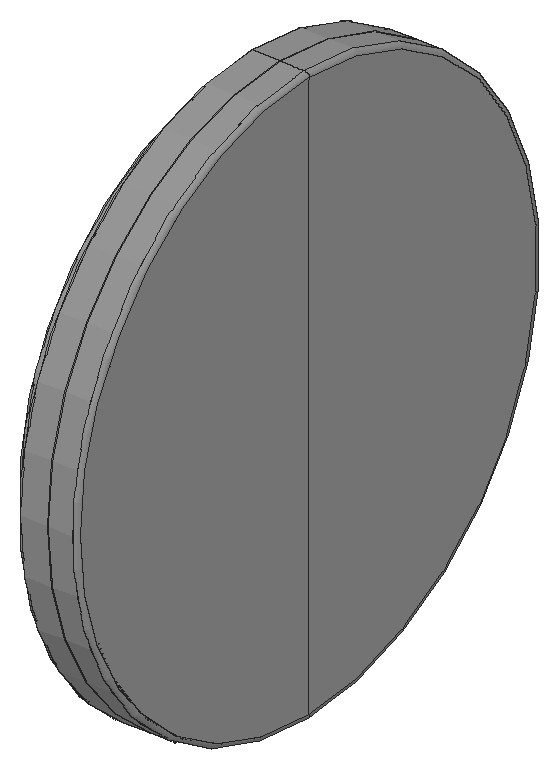
Revit family "IVLB_Generic_LF_Wall Mounted Luminaire Round", category Lighting Fixtures, Revit 2019 (continued)
Definition of nested family "Generic Lightsource"
  Parameters (values of type "FMS.1110.10 - Ø270 / 18W / 1120lm / 4000K")
      .3074\t362.9584\t356.0822\t348.9057\t341.5547\t333.4658\t324.7233\t315.2043\t305.4599\r\n295.3979\t285.0138\t274.2949\t263.3441\t252.1436\t240.673\t229.1092\t216.7556\t203.6489\t190.6285\r\n177.6172\t164.6138\t151.9279\t138.069\t124.3573\t110.9691\t98.0454\t84.9215\t72.6465\t61.0698\r\n50.4112\t40.6936\t35.2704\t0\t0\t0\r\n405.3384\t404.7358\t403.6054\t401.6444\t399.3643\t396.5593\t393.314\t389.4309\t385.2102\t380.3495\r\n375.0755\t369.3024\t362.9627\t356.1346\t348.8119\t341.1533\t333.0509\t324.8191\t315.78\t306.215\r\n295.8199\t285.344\t274.4807\t263.3654\t252.0105\t240.3294\t228.4188\t216.2955\t204.1547\t190.9552\r\n177.6559\t164.3516\t151.1392\t138.0976\t124.9346\t111.112\t97.7813\t85.0908\t72.4995\t60.8236\r\n50.1998\t40.6227\t31.9768\t0\t0\t0\r\n405.3384\t404.7394\t403.6288\t401.6757\t399.3884\t396.5714\t393.3026\t389.3159\t385.1739\t380.3831\r\n375.0444\t369.2837\t362.956\t356.1295\t348.8706\t341.18\t332.9079\t324.3902\t315.4019\t306.3387\r\n296.4924\t286.1092\t274.9998\t263.7539\t252.2169\t240.3569\t228.2903\t215.9582\t203.4707\t190.8257\r\n178.1521\t164.6391\t151.0517\t137.6572\t124.4578\t111.6543\t98.0732\t84.9738\t72.5741\t60.6864\r\n50.0183\t40.4977\t31.9697\t4.8432\t0\t0\r\n405.3384\t404.7427\t403.6495\t401.7142\t399.4239\t396.6035\t393.3116\t389.2988\t385.0507\t380.3528\r\n375.0118\t369.216\t362.9424\t356.1024\t348.8405\t341.157\t332.9643\t324.4004\t315.2581\t305.8867\r\n296.1029\t285.938\t275.5954\t264.5683\t253.012\t240.8416\t228.6197\t216.12\t203.4137\t190.5511\r\n177.5394\t164.5113\t151.5042\t137.8415\t124.2858\t111.0124\t98.1587\t85.3964\t72.5721\t60.6586\r\n49.8431\t40.3398\t31.931\t24.5537\t0\t0\r\n405.3384\t404.7456\t403.6676\t401.9218\t399.4709\t396.6554\t393.3437\t389.317\t385.04\t380.243\r\n374.8993\t369.1788\t362.9127\t356.0814\t348.8285\t341.0552\t332.9667\t324.3861\t315.3329\t305.9127\r\n296.0531\t285.7481\t275.1336\t264.1996\t252.9355\t241.4903\t229.4495\t216.9446\t203.9312\t190.8555\r\n177.6361\t164.3347\t151.0106\t137.654\t124.597\t111.2218\t97.8665\t85.0744\t72.9905\t60.8587\r\n49.815\t40.1794\t31.9054\t24.5054\t0\t0\r\n405.3384\t404.7481\t403.6828\t401.9564\t399.6914\t396.7268\t393.4009\t389.3708\t385.0755\t380.2591\r\n374.9017\t369.0922\t362.8034\t355.9918\t348.805\t341.0277\t332.9542\t324.3714\t315.323\t305.9089\r\n296.0316\t285.7934\t275.1661\t264.1403\t252.8273\t241.0499\t229.0201\t216.7244\t204.2369\t191.596\r\n178.5079\t164.9396\t151.3939\t137.7973\t124.3337\t110.9506\t97.9162\t85.2011\t72.5165\t60.7879\r\n50.1751\t40.1846\t31.8501\t23.7681\t2.338\t0\r\n405.3384\t404.7502\t403.6952\t401.9835\t399.7343\t396.9809\t393.6545\t389.6213\t385.1579\t380.3298\r\n374.9735\t369.1608\t362.846\t356.0361\t348.7566\t340.9866\t332.8783\t324.3112\t315.2718\t305.9036\r\n296.0215\t285.8004\t275.1776\t264.1337\t252.8169\t241.0716\t228.9767\t216.6471\t204.0279\t191.1324\r\n178.1226\t164.8871\t151.6027\t138.2841\t125.113\t111.6596\t98.1698\t85.1028\t72.5249\t60.7088\r\n49.8427\t40.2477\t31.8931\t21.6048\t12.7168\t0\r\n405.3384\t404.7519\t403.7047\t402.0029\t399.7635\t397.03\t393.713\t389.7065\t385.4214\t380.5969\r\n375.2629\t369.475\t363.1447\t356.3663\t348.9144\t341.1566\t333.0078\t324.4526\t315.4033\t305.9527\r\n296.0665\t285.8226\t275.1844\t264.1482\t252.8009\t241.0835\t228.992\t216.6758\t204.0446\t191.1483\r\n178.0991\t164.8272\t151.446\t137.9974\t124.5467\t111.2577\t98.1105\t85.2503\t72.8411\t61.1518\r\n50.0901\t40.257\t31.8235\t18.932\t9.3489\t0\r\n405.3384\t404.7532\t403.7114\t402.0142\t399.7786\t397.0514\t393.739\t389.7475\t385.4637\t380.6413\r\n375.3272\t369.5568\t363.2361\t356.4824\t349.2137\t341.4886\t333.3185\t324.7975\t315.7614\t306.3155\r\n296.46\t286.2066\t275.5669\t264.5527\t253.1872\t241.5059\t229.4265\t217.1363\t204.5303\t191.6199\r\n178.5573\t165.3425\t151.9521\t138.4682\t125.0895\t111.6993\t98.5664\t85.5623\t73.0265\t61.1343\r\n50.1318\t40.4051\t31.9542\t21.7475\t6.5313\t5.115\r\n405.3384\t404.754\t403.7153\t402.0176\t399.7799\t397.0445\t393.7329\t389.7445\t385.4448\t380.6084\r\n375.2927\t369.5081\t363.1813\t356.4003\t348.9923\t341.2089\t333.0605\t324.4816\t315.4612\t305.9997\r\n296.1643\t285.8652\t275.2287\t264.2095\t252.8526\t241.1526\t229.101\t216.7417\t204.1781\t191.2242\r\n178.2221\t164.9153\t151.5534\t138.1498\t124.6539\t111.3162\t98.1603\t85.2342\t72.8561\t61.1128\r\n50.0588\t40.2091\t31.6937\t20.0166\t8.2012\t0\r\n405.3384\t404.7543\t403.7164\t402.013\t399.7671\t397.0096\t393.6945\t389.6977\t385.2046\t380.352\r\n375.0326\t369.2271\t362.9198\t356.1028\t348.9072\t341.0925\t332.98\t324.3798\t315.392\t305.9858\r\n296.2178\t285.8843\t275.26\t264.2624\t252.9154\t241.2093\t229.1994\t216.7906\t204.2527\t191.2919\r\n178.3227\t165.0516\t151.7425\t138.4595\t125.2028\t111.7417\t98.2552\t85.1615\t72.5973\t60.695\r\n49.8045\t40.1873\t31.7885\t21.7366\t11.2598\t0\r\n405.3384\t404.7542\t403.7146\t402.0006\t399.7406\t396.7678\t393.4611\t389.4878\t385.1447\t380.2959\r\n374.9894\t369.1909\t362.9156\t356.0932\t349.0203\t341.1855\t333.0998\t324.4896\t315.505\t306.0503\r\n296.2967\t285.9572\t275.331\t264.3672\t253.0197\t241.2839\t229.3045\t217.0032\t204.5011\t191.8693\r\n178.7706\t165.2052\t151.6675\t138.0714\t124.5282\t111.1465\t98.0318\t85.3325\t72.6503\t60.8256\r\n50.1888\t40.1684\t31.7403\t23.8387\t2.1341\t0\r\n405.3384\t404.7538\t403.7099\t401.9802\t399.5366\t396.7102\t393.425\t389.473\t385.1305\t380.2987\r\n375.0145\t369.3042\t363.0627\t356.2162\t349.106\t341.2551\t333.1682\t324.5601\t315.5632\t306.141\r\n296.3633\t286.0264\t275.4542\t264.555\t253.2624\t241.8449\t229.7806\t217.3072\t204.2808\t191.2288\r\n177.9866\t164.6878\t151.3619\t138.0114\t124.8764\t111.4955\t98.1121\t85.3017\t73.1816\t61.0006\r\n49.9354\t40.2492\t31.8581\t24.0616\t0\t0\r\n405.3384\t404.7529\t403.7024\t401.7855\t399.5057\t396.672\t393.4155\t389.4941\t385.1611\t380.4304\r\n375.1514\t369.3736\t363.1395\t356.2714\t349.1759\t341.3116\t333.2219\t324.6532\t315.5562\t306.2275\r\n296.4426\t286.3163\t276.0481\t265.0023\t253.4229\t241.2876\t229.0238\t216.5536\t203.8543\t191.005\r\n177.9846\t164.9422\t151.916\t138.291\t124.7136\t111.4068\t98.5597\t85.7613\t72.9154\t60.9832\r\n50.0561\t40.469\t32.0115\t24.4608\t0\t0\r\n405.3384\t404.7516\t403.6921\t401.7609\t399.4864\t396.6542\t393.4316\t389.5502\t385.2972\t380.4985\r\n375.2108\t369.4721\t363.1917\t356.3183\t349.193\t341.3957\t333.2365\t324.7362\t315.7989\t306.7788\r\n296.9084\t286.5675\t275.5271\t264.2722\t252.7027\t240.881\t228.7997\t216.5107\t204.0057\t191.4\r\n178.6746\t165.1736\t151.62\t138.2129\t125.0328\t112.2055\t98.6188\t85.54\t73.0956\t61.0986\r\n50.3019\t40.733\t32.2345\t4.8967\t0\t0\r\n405.3384\t404.75\t403.6788\t401.7433\t399.4783\t396.6572\t393.4722\t389.7044\t385.3553\t380.5675\r\n375.2574\t369.5435\t363.2413\t356.3845\t349.1744\t341.4877\t333.4438\t325.2596\t316.2784\t306.7217\r\n296.3214\t285.8791\t275.0611\t263.9604\t252.5538\t240.9175\t229.0191\t216.9459\t204.7661\t191.62\r\n178.311\t165.0395\t151.8279\t138.8308\t125.6546\t111.8365\t98.5513\t85.8398\t73.1455\t61.3695\r\n50.6583\t41.0273\t32.3467\t0\t0\t0\r\n405.3384\t404.7481\t403.4984\t401.7323\t399.4809\t396.6816\t393.6002\t389.7628\t385.3879\t380.6249\r\n375.3103\t369.6017\t363.2788\t356.4193\t349.3183\t342.0005\t333.9181\t325.234\t315.723\t306.0027\r\n295.9581\t285.6313\t274.9371\t264.0009\t252.7885\t241.3531\t229.8173\t217.4635\t204.4063\t191.4145\r\n178.427\t165.4423\t152.7479\t138.9494\t125.2565\t111.8804\t98.9846\t85.7966\t73.4077\t61.7586\r\n51.0678\t41.3029\t35.9314\t0\t0\t0\r\n405.3384\t404.7459\t403.4868\t401.7275\t399.4939\t396.8049\t393.6964\t389.8271\t385.4477\t380.6827\r\n375.3624\t369.5737\t363.2853\t356.625\t349.7894\t342.1135\t333.759\t324.599\t315.3556\t305.743\r\n295.8442\t285.6417\t275.1541\t264.3786\t253.3631\t242.055\t229.5599\t217.0052\t204.3824\t191.6906\r\n178.9998\t166.3228\t152.4157\t138.7896\t125.4113\t112.3666\t98.8823\t86.0884\t73.8385\t62.2076\r\n51.4507\t41.5049\t9.2672\t0\t0\t0\r\n405.3384\t404.7435\t403.478\t401.7288\t399.5168\t396.8915\t393.7354\t389.8846\t385.51\t380.7375\r\n375.3452\t369.6573\t363.4574\t357.1354\t349.7768\t341.6159\t333.1585\t324.3199\t315.1808\t305.7265\r\n295.9778\t285.8984\t275.6341\t265.1894\t253.7973\t241.5638\t229.4041\t217.1091\t204.7446\t192.3795\r\n179.7114\t165.8581\t152.3268\t139.0102\t125.9366\t112.2715\t99.1358\t86.5458\t74.2047\t62.612\r\n51.7507\t41.5902\t0\t0\t0\t0\r\n405.3384\t404.741\t403.4718\t401.7355\t399.6011\t396.9432\t393.7681\t389.932\t385.5756\t380.7897\r\n375.443\t369.7964\t363.9098\t357.1325\t349.266\t341.3026\t332.9179\t324.2017\t315.1981\t305.9037\r\n296.2962\t286.4176\t276.3927\t264.9598\t253.3075\t241.5117\t229.5688\t217.5503\t205.6807\t192.889\r\n179.2192\t165.8323\t152.6025\t139.6031\t125.8415\t112.4783\t99.6521\t86.8233\t74.5452\t62.9366\r\n51.9651\t45.2945\t0\t0\t0\t0\r\n405.3384\t404.7384\t403.468\t401.7035\t399.6374\t396.995\t393.7953\t389.976\t385.6432\t380.7904\r\n375.5949\t370.2269\t363.9316\t356.6257\t349.0084\t341.1154\t332.8331\t324.2647\t315.4008\t306.248\r\n296.8025\t287.1037\t276.0069\t264.7758\t253.2929\t241.7441\t230.0366\t218.4803\t205.6712\t192.4158\r\n179.2213\t166.1495\t153.2387\t139.4918\t125.9849\t112.9057\t99.9291\t87.1192\t74.8871\t63.2173\r\n52.1109\t27.9746\t0\t0\t0\t0\r\n405.3384\t404.7356\t403.4661\t401.721\t399.6762\t397.0462\t393.8176\t390.0145\t385.6532\t380.9042\r\n376.0431\t370.2884\t363.5098\t356.3413\t348.8597\t341.046\t332.9079\t324.5096\t315.7699\t306.7777\r\n297.4737\t286.6989\t275.8167\t264.7874\t253.5532\t242.2253\t231.0102\t218.411\t205.3993\t192.4497\r\n179.5316\t166.8\t153.159\t139.579\t126.3414\t113.3926\t100.1751\t87.4289\t75.1955\t63.4659\r\n52.2017\t0\t0\t0\t0\t0\r\n405.3384\t404.733\t403.4662\t401.7455\t399.7183\t397.0964\t393.8361\t390.0426\t385.7336\t381.0623\r\n376.1774\t370.1947\t363.2695\t356.1775\t348.8218\t341.077\t333.1051\t324.8433\t316.2831\t307.407\r\n297.0552\t286.507\t275.8559\t265.0142\t254.068\t243.1527\t230.9509\t218.1938\t205.4481\t192.7251\r\n180.2403\t166.8035\t153.224\t139.9046\t126.9133\t113.5219\t100.4126\t87.721\t75.5131\t63.7099\r\n57.0316\t0\t0\t0\t0\t0\r\n405.3384\t404.5716\t403.4386\t401.8549\t399.7644\t397.1477\t393.8153\t390.002\t385.8374\t381.4986\r\n376.1612\t369.7301\t363.0994\t356.1235\t348.8626\t341.2479\t333.4258\t325.2712\t316.9727\t307.0391\r\n296.8833\t286.5553\t276.0726\t265.4683\t254.9632\t243.4246\t230.701\t218.2156\t205.734\t193.2729\r\n180.506\t166.8251\t153.4668\t140.3769\t127.1788\t113.733\t100.6865\t88.0472\t75.8087\t63.919\r\n43.4528\t0\t0\t0\t0\t0\r\n405.3384\t404.5695\t403.4417\t401.8908\t399.8151\t397.1871\t393.8464\t390.0614\t385.9622\t381.6097\r\n376.0288\t369.5594\t362.993\t356.1449\t348.9704\t341.541\t333.8527\t326.0241\t316.6929\t306.8713\r\n296.8954\t286.7633\t276.4678\t266.0998\t255.327\t242.9729\t230.7031\t218.4384\t206.1859\t193.9199\r\n180.3346\t166.9807\t153.8693\t140.944\t127.3398\t114.0243\t101.0379\t88.3884\t76.1048\t64.1488\r\n6.9749\t0\t0\t0\t0\t0\r\n405.3384\t404.5686\t403.4473\t401.9294\t399.8708\t397.2314\t393.888\t390.1481\t386.3292\t381.6146\r\n375.6081\t369.4572\t362.9708\t356.227\t349.1889\t341.9177\t334.6149\t326.1454\t316.446\t306.8487\r\n297.0678\t287.1294\t277.0477\t266.8305\t254.9174\t242.9076\t230.8971\t218.8564\t206.9584\t193.7008\r\n180.4704\t167.3299\t154.3451\t141.0443\t127.5319\t114.3124\t101.4067\t88.7971\t76.469\t71.0786\r\n0\t0\t0\t0\t0\t0\r\n405.3384\t404.569\t403.4551\t401.9709\t399.9722\t397.2767\t393.8644\t390.2693\t386.4315\t381.5224\r\n375.4757\t369.3969\t363.0172\t356.385\t349.5164\t342.3709\t334.9069\t325.7199\t316.401\t306.979\r\n297.3492\t287.6224\t277.9395\t266.5253\t254.8042\t243.0641\t231.2325\t219.4481\t206.9163\t193.7663\r\n180.6898\t167.7888\t154.9305\t141.1807\t127.788\t114.6467\t101.7684\t89.1631\t76.8256\t62.9035\r\n0\t0\t0\t0\t0\t0\r\n405.3384\t404.5705\t403.4652\t402.0157\t400.0296\t397.3244\t393.9524\t390.3898\t386.4749\t381.113\r\n375.39\t369.382\t363.1266\t356.6158\t349.8921\t343.0771\t334.5968\t325.6122\t316.4672\t307.1637\r\n297.7815\t288.4949\t278.1045\t266.4097\t254.8889\t243.3295\t231.7654\t220.041\t206.912\t193.9248\r\n181.0884\t168.4498\t154.9864\t141.4211\t128.0925\t114.9955\t102.1644\t89.5728\t77.2034\t43.5306\r\n0\t0\t0\t0\t0\t0\r\n405.3384\t404.5732\t403.4775\t402.0644\t400.0795\t397.3766\t394.0366\t390.7644\t386.4775\t380.975\r\n375.3478\t369.4303\t363.2985\t356.906\t350.3047\t343.2698\t334.4485\t325.6355\t316.6363\t307.5138\r\n298.2746\t288.9228\t277.7118\t266.4225\t255.1174\t243.7588\t232.5514\t219.9024\t207.0118\t194.237\r\n181.5343\t168.8621\t155.1371\t141.6853\t128.4567\t115.4149\t102.6013\t89.9956\t77.5994\t6.1612\r\n0\t0\t0\t0\t0\t0\r\n405.3384\t404.605\t403.4921\t402.1706\t400.1256\t397.4349\t394.1374\t390.8498\t386.4029\t380.8564\r\n375.3437\t369.5284\t363.5073\t357.2499\t350.9824\t342.9428\t334.3995\t325.7395\t316.8926\t307.9367\r\n299.1107\t288.6921\t277.6635\t266.5801\t255.4385\t244.3047\t232.8477\t219.9489\t207.2573\t194.6292\r\n182.2468\t168.8709\t155.3197\t141.9922\t128.8173\t115.8454\t103.0693\t90.4482\t83.823\t0\r\n0\t0\t0\t0\t0\t0\r\n405.3384\t404.6092\t403.5089\t402.2202\t400.1649\t397.5054\t394.2569\t390.9141\t386.0396\t380.7981\r\n375.3806\t369.6687\t363.7508\t357.6622\t351.1724\t342.8014\t334.443\t325.8965\t317.2661\t308.4567\r\n299.4568\t288.5546\t277.7444\t266.8384\t255.8901\t245.0273\t232.652\t220.0806\t207.5676\t195.1229\r\n182.656\t169.0149\t155.5887\t142.3178\t129.2005\t116.2829\t103.5207\t90.9268\t73.3602\t0\r\n0\t0\t0\t0\t0\t0\r\n405.3384\t404.614\t403.5281\t402.2649\t400.1971\t397.5179\t394.3957\t390.9455\t385.9448\t380.7925\r\n375.4413\t369.8494\t364.0508\t358.3505\t351.161\t342.7657\t334.5401\t326.1385\t317.6475\t309.3183\r\n299.1891\t288.5712\t277.89\t267.2003\t256.4247\t245.3251\t232.6711\t220.2807\t207.9213\t195.8312\r\n182.7021\t169.2073\t155.8647\t142.6715\t129.6369\t116.7502\t103.9952\t91.3868\t55.3711\t0\r\n0\t0\t0\t0\t0\t0\r\n405.3384\t404.6195\t403.5495\t402.3045\t400.1849\t397.5978\t394.5611\t390.9396\t385.8781\t380.8033\r\n375.5216\t370.0613\t364.3857\t358.5968\t350.8049\t342.7895\t334.6808\t326.4772\t318.1163\t309.6303\r\n299.1657\t288.6692\t278.1592\t267.6065\t257.2226\t245.1417\t232.8538\t220.5787\t208.3699\t196.2276\r\n182.7779\t169.4445\t156.1917\t143.0507\t130.0526\t117.1893\t104.4737\t91.888\t14.9821\t0\r\n0\t0\t0\t0\t0\t0\r\n405.3384\t404.6254\t403.6469\t402.3383\t400.2215\t397.6657\t394.9951\t390.922\t385.84\t380.8256\r\n375.6462\t370.3021\t364.75\t358.7051\t350.7659\t342.8768\t334.8803\t326.8245\t318.9273\t309.6814\r\n299.1757\t288.8703\t278.4899\t268.1142\t257.5065\t245.2123\t233.0786\t220.9546\t208.9027\t196.5301\r\n182.9565\t169.6559\t156.4872\t143.4595\t130.5097\t117.6817\t104.9699\t100.108\t0.6502\t0\r\n0\t0\t0\t0\t0\t0\r\n405.3384\t404.6318\t403.6785\t402.3663\t400.2653\t397.732\t395.2235\t390.6501\t385.8302\t380.8791\r\n375.8045\t370.5591\t365.4\t358.3926\t350.7621\t343.0161\t335.1646\t327.2095\t319.3184\t309.3844\r\n299.2447\t289.0934\t278.9038\t268.8799\t257.3545\t245.3439\t233.3422\t221.3813\t209.5947\t196.4708\r\n183.1827\t169.9774\t156.8633\t143.857\t130.9408\t118.1517\t105.4613\t92.7841\t0\t0\r\n0\t0\t0\t0\t0\t0\r\n405.3384\t404.6385\t403.7052\t402.3881\t400.3166\t397.7952\t395.3429\t390.6457\t385.8372\t380.9677\r\n375.9682\t370.8385\t365.6602\t358.3552\t350.8047\t343.1988\t335.4588\t327.6657\t319.4853\t309.4034\r\n299.4263\t289.3714\t279.3274\t269.2917\t257.4272\t245.5406\t233.6779\t221.8454\t209.9683\t196.6268\r\n183.419\t170.2891\t157.2574\t144.3065\t131.442\t118.6656\t105.9935\t80.5222\t0\t0\r\n0\t0\t0\t0\t0\t0\r\n405.3384\t404.6457\t403.7326\t402.3665\t400.4161\t397.857\t395.396\t390.6723\t385.8834\t381.0767\r\n376.1402\t371.1325\t365.8072\t358.3418\t350.9131\t343.3865\t335.8213\t328.3888\t319.2622\t309.4538\r\n299.6286\t289.7446\t279.8181\t269.489\t257.5447\t245.7949\t234.0481\t222.3431\t210.2072\t196.8266\r\n183.6843\t170.6331\t157.653\t144.7457\t131.9283\t119.1863\t106.5168\t64.2232\t0\t0\r\n0\t0\t0\t0\t0\t0\r\n405.3384\t404.653\t403.7604\t402.3925\t400.4719\t397.9008\t395.3299\t390.7762\t385.9545\t381.2013\r\n376.3717\t371.4185\t365.8707\t358.3762\t351.0464\t343.6475\t336.1597\t328.7689\t319.2512\t309.5955\r\n299.8696\t290.1313\t280.5664\t269.3554\t257.7081\t246.0696\t234.4691\t223.0433\t210.1501\t197.0336\r\n183.9883\t170.9859\t158.0592\t145.1996\t132.404\t119.6892\t118.4422\t23.1728\t0\t0\r\n0\t0\t0\t0\t0\t0\r\n405.3384\t404.6607\t403.7887\t402.4189\t400.5194\t397.9841\t395.3017\t390.8021\t386.0595\t381.3509\r\n376.609\t372.0059\t365.5606\t358.4337\t351.2047\t343.9111\t336.5735\t328.9592\t319.3349\t309.7464\r\n300.1592\t290.5524\t280.9613\t269.4605\t257.9307\t246.4161\t234.914\t223.4171\t210.3211\t197.2897\r\n184.2922\t171.347\t158.483\t145.6681\t132.9075\t120.2165\t117.0674\t9.6552\t0\t0\r\n0\t0\t0\t0\t0\t0\r\n405.3384\t404.6686\t403.8173\t402.4487\t400.4786\t398.0829\t395.2688\t390.7871\t386.236\t381.5158\r\n376.8425\t372.2831\t365.5322\t358.5043\t351.3888\t344.1966\t336.967\t329.1152\t319.3903\t309.9762\r\n300.4823\t290.9786\t281.208\t269.6236\t258.201\t246.7695\t235.373\t223.7185\t210.5437\t197.5625\r\n184.62\t171.7433\t158.9199\t146.1384\t133.4045\t120.7201\t112.4944\t0\t0\t0\r\n0\t0\t0\t0\t0\t0\r\n405.3384\t404.6766\t403.8462\t402.4819\t400.4915\t398.4796\t395.2303\t390.7186\t386.3508\t381.7085\r\n377.0908\t372.472\t365.5842\t358.5935\t351.5911\t344.5067\t337.626\t328.8535\t319.5738\t310.1918\r\n300.8214\t291.4589\t281.3564\t269.774\t258.4546\t247.1517\t236.0692\t223.714\t210.7672\t197.8524\r\n184.9795\t172.1582\t159.3682\t146.6102\t133.9159\t121.2568\t105.4062\t0\t0\t0\r\n0\t0\t0\t0\t0\t0\r\n405.3384\t404.6848\t403.8753\t402.5301\t400.5307\t398.583\t395.2103\t390.7119\t386.3893\t381.9396\r\n377.3461\t372.6104\t365.6471\t358.7464\t351.8034\t344.8396\t337.9433\t328.9321\t319.7183\t310.4987\r\n301.2264\t292.1181\t281.2334\t270.0005\t258.7428\t247.5101\t236.4684\t223.8595\t211.0006\t198.1587\r\n185.3479\t172.5544\t159.8035\t147.094\t134.4184\t121.7849\t96.4328\t0\t0\t0\r\n0\t0\t0\t0\t0\t0\r\n405.3384\t404.6931\t403.9067\t402.5674\t400.5765\t398.6722\t394.9664\t390.7235\t386.4539\t382.113\r\n377.6242\t372.7081\t365.7225\t358.9132\t352.048\t345.1659\t338.1961\t329.0359\t319.9072\t310.7682\r\n301.6096\t292.5131\t281.4098\t270.2271\t259.073\t247.9351\t236.8476\t224.0483\t21
      1.2287\t198.4476\r\n185.6936\t172.9579\t160.2642\t147.5784\t134.9349\t122.3252\t86.1454\t0\t0\t0\r\n0\t0\t0\t0\t0\t0\r\n405.3384\t404.7013\t403.9355\t402.6047\t400.6279\t398.7442\t394.9797\t390.7624\t386.5296\t382.2487\r\n377.8767\t372.7829\t365.8114\t359.0821\t352.3163\t345.4969\t338.3782\t329.1822\t320.1148\t311.0453\r\n301.9788\t292.7783\t281.6012\t270.5091\t259.4318\t248.3563\t237.1582\t224.2779\t211.525\t198.7849\r\n186.0555\t173.3757\t160.7092\t148.07\t135.4623\t122.8612\t75.0755\t0\t0\t0\r\n0\t0\t0\t0\t0\t0\r\n405.3384\t404.7096\t403.9642\t402.6417\t400.696\t398.8169\t394.9997\t390.8276\t386.6209\t382.4\r\n378.4045\t372.5543\t365.9079\t359.2494\t352.5682\t345.8699\t338.5647\t329.3189\t320.3594\t311.3938\r\n302.3891\t292.9835\t281.7699\t270.7837\t259.7753\t248.7659\t237.4402\t224.5309\t211.8182\t199.1223\r\n186.4527\t173.7952\t161.1646\t148.546\t135.9422\t136.5574\t36.2712\t0\t0\t0\r\n0\t0\t0\t0\t0\t0\r\n405.3384\t404.7178\t403.9929\t402.6782\t400.7519\t398.8854\t395.026\t390.892\t386.7324\t382.5558\r\n378.6203\t372.6325\t366.0305\t359.4259\t352.8102\t346.4602\t338.6937\t329.5211\t320.6143\t311.6861\r\n302.7765\t293.2351\t282.0305\t271.0823\t260.1226\t249.1874\t237.6911\t224.7942\t212.1326\t199.4867\r\n186.8497\t174.2259\t161.627\t149.0287\t136.4442\t136.3962\t26.9716\t0\t0\t0\r\n0\t0\t0\t0\t0\t0\r\n405.3384\t404.6914\t404.0217\t402.7091\t400.8043\t398.9593\t395.0594\t390.9615\t386.8432\t382.7092\r\n378.801\t372.7103\t366.1644\t359.6071\t353.0451\t346.7466\t338.5155\t329.6953\t320.856\t312.0088\r\n303.4086\t293.141\t282.2549\t271.3663\t260.4867\t249.8243\t237.7137\t225.078\t212.4489\t199.8329\r\n187.2298\t174.6407\t162.0656\t149.4977\t136.955\t135.4145\t19.5256\t0\t0\t0\r\n0\t0\t0\t0\t0\t0\r\n405.3384\t404.7005\t404.0507\t402.746\t400.8525\t399.0149\t395.1063\t391.0352\t386.9537\t382.8571\r\n378.9473\t372.7817\t366.3088\t359.7982\t353.2745\t346.9636\t338.607\t329.856\t321.0835\t312.3124\r\n303.7495\t293.3407\t282.511\t271.6734\t260.8498\t250.2149\t237.9693\t225.3524\t212.7549\t200.1806\r\n187.6084\t175.0519\t162.4906\t149.9475\t137.4166\t133.8797\t13.6311\t0\t0\t0\r\n0\t0\t0\t0\t0\t0\r\n405.3384\t404.7108\t404.0796\t402.7843\t400.8877\t399.06\t395.1456\t391.1188\t387.0668\t382.9967\r\n379.0731\t372.8602\t366.4344\t359.992\t353.5293\t347.231\t338.7751\t330.037\t321.3186\t312.5878\r\n304.0399\t293.5366\t282.7541\t271.985\t261.2033\t250.5727\t238.235\t225.6682\t213.1063\t200.5484\r\n187.9915\t175.44\t162.9051\t150.3796\t137.8499\t132.1112\t9.049\t0\t0\t0\r\n0\t0\t0\t0\t0\t0\r\n405.3384\t404.7219\t404.1089\t402.8238\t400.9307\t399.0883\t395.1801\t391.1927\t387.1857\t383.169\r\n379.2169\t372.9472\t366.5494\t360.1591\t353.7665\t347.4796\t338.9588\t330.2784\t321.6039\t312.9326\r\n304.37\t293.7905\t283.028\t272.2877\t261.5559\t250.9361\t238.5243\t225.9828\t213.451\t200.9164\r\n188.3884\t175.864\t163.3455\t150.8322\t138.3259\t130.4379\t5.5781\t0\t0\t0\r\n0\t0\t0\t0\t0\t0\r\n405.3384\t404.7342\t404.1351\t402.865\t400.9737\t399.12\t395.2037\t391.2563\t387.2891\t383.3216\r\n379.3873\t373.0758\t366.7069\t360.3353\t353.9603\t347.6673\t339.1189\t330.4846\t321.8502\t313.2065\r\n304.6365\t294.0074\t283.3053\t272.5923\t261.8888\t251.2466\t238.8042\t226.288\t213.7758\t201.2543\r\n188.7472\t176.2444\t163.7419\t151.2436\t138.7407\t128.9732\t3.0455\t0\t0\t0\r\n0\t0\t0\t0\t0\t0\r\n405.3384\t404.7473\t404.1652\t402.9077\t401.0164\t399.1498\t395.2384\t391.3183\t387.3793\t383.4461\r\n379.5207\t373.2102\t366.8716\t360.5312\t354.1897\t347.8811\t339.3172\t330.7163\t322.1136\t313.5188\r\n304.9383\t294.2817\t283.5867\t272.897\t262.2085\t251.5646\t239.0978\t226.5986\t214.1015\t201.6074\r\n189.1137\t176.6257\t164.1331\t151.6523\t139.1633\t127.9276\t1.3255\t0\t0\t0\r\n0\t0\t0\t0\t0\t0\r\n405.3384\t404.7615\t404.1956\t402.9517\t401.0448\t399.145\t395.2486\t391.3511\t387.4664\t383.5602\r\n379.6494\t373.3451\t367.0309\t360.7181\t354.3931\t348.0876\t339.524\t330.9519\t322.3792\t313.8076\r\n305.2448\t294.5755\t283.8944\t273.2262\t262.5489\t251.8832\t239.4077\t226.9344\t214.4518\t201.9798\r\n189.4978\t177.0255\t164.5446\t152.064\t139.5954\t127.4356\t0.3276\t0\t0\t0\r\n0\t0\t0\t0\t0\t0"
    Model = "FMS.1"
    Manufacturer = "ETK B.V."
    built-in parameter 1150105 = 89.127 (stored number, unit not read)
    Lumens = 1120 lm
    built-in parameter 1150115 = 1 (stored number, unit not read)
    built-in parameter 1150137 = (empty or 0)
    built-in parameter 1150139 = (empty or 0)
    built-in parameter 1150112 = 1 (stored number, unit not read)
    built-in parameter 1150114 = 1 (stored number, unit not read)
    Lamp = "LED"
    built-in parameter 1150132 = 2
    built-in parameter 1150102 = (empty or 0)
    built-in parameter 1150107 = 4000 (stored number, unit not read)
    built-in parameter 1150138 = (empty or 0)
    built-in parameter 1150106 = 0.89127 (stored number, unit not read)
    built-in parameter 1150104 = 13.8 (stored number, unit not read)
    Dimming Lamp Color Temperature Shift = (empty or 0)
    Description = "Light sources"
    Default Elevation = 0 mm
    Copyright © IVLighting = "www.ivlighting.nl"
    Color Filter = 16777215
    Bundle = "110°"
    built-in parameter 1114218 = 1 (stored number, unit not read)
    built-in parameter 1150133 = 10 (stored number, unit not read)
    Assembly Code = "63.0"
    Apparent Load = 18 VA
  Types (2, lengths in mm): name | built-in parameter 1150134 | built-in parameter 1150107
    FMS.1100.10 - Ø270 / 18W / 1120lm / 3000K | (empty or 0) | 3000 (stored number, unit not read)
    FMS.1110.10 - Ø270 / 18W / 1120lm / 4000K | 12 | 4000 (stored number, unit not read)
  Reference planes
    plane 1 "Center (Front/Back)": y = 0
    plane 2: z = 0
    plane 3 "Center (Left/Right)": x = 0
  Lines and regions (mm)
    reference lines
      curve 1: line (-0.477, 0, 0) -> (0.475, 0, 0)
  Dimensions and locks
    aligned and locked: level to plane 2
